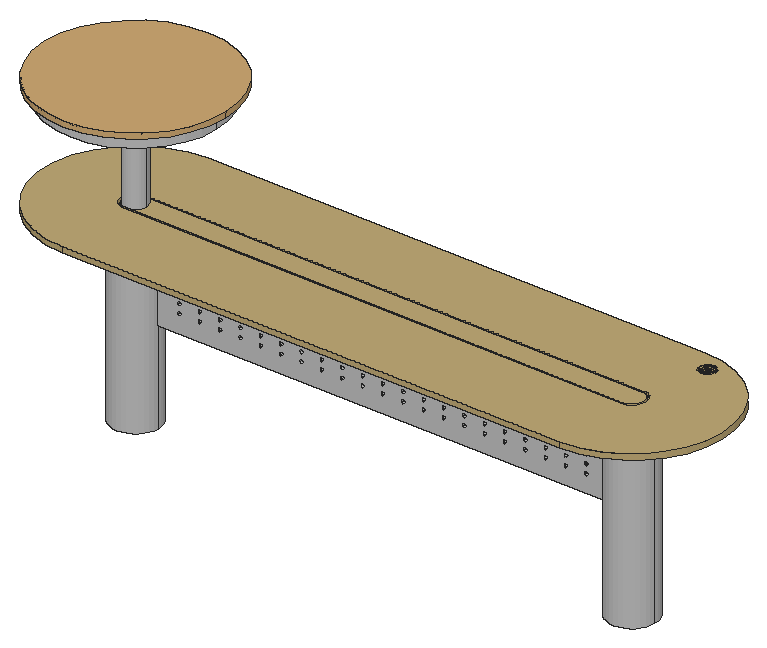
Revit family "L-FUR_벤치_YB-303C_예건", category 일반 모델, Revit 2021
Family settings
  보강 철근 호스트 가능 = 아니오
  원형 커넥터 치수 = 지름 사용
  부품 유형 = 보통
  작업 기준면 기반 = 아니오
  항상 수직 = 예
  로드될 때 보이드를 사용하여 절단 = 아니오
  공유 = 아니오
  룸 계산 점 = 아니오
Parameters
  한국산업규격KS = ""
  조달청표준공사코드-세부공종 = "23588587"
  기본 입면도 = 0 mm
  건설정보분류체계-부위분류 = "E943"
  LIM_INFO_주의사항 = "재배포, 재가공, 판매 금지"
  LIM_INFO_제품업체 = "예건"
  LIM_INFO_제품번호 = "YF-16"
  LIM_INFO_제품명 = "펜스_YF-16"
  LIM_INFO_제작일 = "20230315"
  LIM_INFO_재료 = "Hardwood, STL-pipe, STL-plate"
  LIM_INFO_업체정보 = ""
  LIM_INFO_업체URL = "https://yekun.com/"
  LIM_INFO_업체TEL = "(+82)31-943-6114"
  LIM_INFO_업체EMAIL = "yekun@yekun.com"
  LIM_INFO_버전 = "2023_V01"
  LIM_INFO_기타정보 = ""
  LIM_INFO_규격 = "W2000 x H1800"
  LIM_INFO_가격 = 0
  LIM_INFO_PV_포장재여부 = yes
  LIM_INFO_PV_면적 = 0.00 m²
  KBIMS_식별-버전 = ""
  KBIMS_식별-bSK등록번호 = ""
  KBIMS_보급정보-저작자 = "림인포테크_MMJ"
  KBIMS_보급정보-보급코드 = ""
Reference planes
  plane 1 "중심(앞/뒤)": y = 0
  plane 2: z = 0
  plane 3 "중심(왼쪽/오른쪽)": x = 0
Dimensions and locks
  aligned and locked: level to plane 2
Nested families
  nested 1: "YB-303C_base" at (0, 0, 0), type "YB-303C_base"
Definition of nested family "YB-303C_base"
  Parameters (values of type "YB-303C_base")
    Default Elevation = 0 mm
  Reference planes
    plane 1 "중심(앞/뒤)": y = 0
    plane 2: z = 0
    plane 3 "중심(왼쪽/오른쪽)": x = 0
  Forms (mm)
    Extrusion 1, solid, detail levels fine
      sketch origin (-40, 149.434, 0) x (1, 0, 0) y (0, 1, 0)
        loop
          arc (1339, -149.434) -> (1539, 50.566) -> (1339, 250.566) r 200
          line (1339, 250.566) -> (240, 250.566)
          arc (240, 250.566) -> (40, 50.566) -> (240, -149.434) r 200
          line (240, -149.434) -> (1339, -149.434)
        loop
          line (1339, 80.566) -> (240, 80.566)
          arc (240, 80.566) -> (210, 50.566) -> (240, 20.566) r 30
          line (240, 20.566) -> (1339, 20.566)
          arc (1339, 20.566) -> (1369, 50.566) -> (1339, 80.566) r 30
        loop
          circle (1379.944, 206.906) r 17.5
      from 417 to 430
    Extrusion 2, solid, detail levels fine
      sketch origin (-40, 149.434, 0) x (1, 0, 0) y (0, 1, 0)
        loop
          circle (240, 50.566) r 50.8
        loop
          circle (1339, 50.566) r 50.8
      from 0 to 413
    Extrusion 3, solid, detail levels fine
      sketch origin (-8146.862, 202.046, -4495.373) x (1, 0, 0) y (0, 0, 1)
        loop
          line (9400.912, 4700.973) -> (9400.912, 4907.673) -> (8394.912, 4907.673) -> (8394.912, 4700.973) -> (9400.912, 4700.973)
        loop
          circle (8447.912, 4820.873) r 4
        loop
          circle (8447.912, 4800.873) r 4
        loop
          circle (8447.912, 4780.873) r 4
        loop
          circle (8447.912, 4760.873) r 4
        loop
          circle (8447.912, 4740.873) r 4
        loop
          circle (8492.912, 4820.873) r 4
        loop
          circle (8492.912, 4800.873) r 4
        loop
          circle (8492.912, 4780.873) r 4
        loop
          circle (8492.912, 4760.873) r 4
        loop
          circle (8492.912, 4740.873) r 4
        loop
          circle (8537.912, 4740.873) r 4
        loop
          circle (8537.912, 4760.873) r 4
        loop
          circle (8537.912, 4780.873) r 4
        loop
          circle (8537.912, 4800.873) r 4
        loop
          circle (8537.912, 4820.873) r 4
        loop
          circle (8582.912, 4820.873) r 4
        loop
          circle (8582.912, 4800.873) r 4
        loop
          circle (8582.912, 4780.873) r 4
        loop
          circle (8582.912, 4760.873) r 4
        loop
          circle (8582.912, 4740.873) r 4
        loop
          circle (8627.912, 4820.873) r 4
        loop
          circle (8627.912, 4800.873) r 4
        loop
          circle (8627.912, 4780.873) r 4
        loop
          circle (8627.912, 4760.873) r 4
        loop
          circle (8627.912, 4740.873) r 4
        loop
          circle (8672.912, 4740.873) r 4
        loop
          circle (8672.912, 4760.873) r 4
        loop
          circle (8672.912, 4780.873) r 4
        loop
          circle (8672.912, 4800.873) r 4
        loop
          circle (8672.912, 4820.873) r 4
        loop
          circle (8717.912, 4820.873) r 4
        loop
          circle (8717.912, 4800.873) r 4
        loop
          circle (8717.912, 4780.873) r 4
        loop
          circle (8717.912, 4760.873) r 4
        loop
          circle (8717.912, 4740.873) r 4
        loop
          circle (8762.912, 4820.873) r 4
        loop
          circle (8762.912, 4800.873) r 4
        loop
          circle (8762.912, 4780.873) r 4
        loop
          circle (8762.912, 4760.873) r 4
        loop
          circle (8762.912, 4740.873) r 4
        loop
          circle (8807.912, 4740.873) r 4
        loop
          circle (8807.912, 4760.873) r 4
        loop
          circle (8807.912, 4780.873) r 4
        loop
          circle (8807.912, 4800.873) r 4
        loop
          circle (8807.912, 4820.873) r 4
        loop
          circle (8852.912, 4820.873) r 4
        loop
          circle (8852.912, 4800.873) r 4
        loop
          circle (8852.912, 4780.873) r 4
        loop
          circle (8852.912, 4760.873) r 4
        loop
          circle (8852.912, 4740.873) r 4
        loop
          circle (8897.912, 4820.873) r 4
        loop
          circle (8897.912, 4800.873) r 4
        loop
          circle (8897.912, 4780.873) r 4
        loop
          circle (8897.912, 4760.873) r 4
        loop
          circle (8897.912, 4740.873) r 4
        loop
          circle (8942.912, 4740.873) r 4
        loop
          circle (8942.912, 4760.873) r 4
        loop
          circle (8942.912, 4780.873) r 4
        loop
          circle (8942.912, 4800.873) r 4
        loop
          circle (8942.912, 4820.873) r 4
        loop
          circle (8987.912, 4820.873) r 4
        loop
          circle (8987.912, 4800.873) r 4
        loop
          circle (8987.912, 4780.873) r 4
        loop
          circle (8987.912, 4760.873) r 4
        loop
          circle (8987.912, 4740.873) r 4
        loop
          circle (9032.912, 4820.873) r 4
        loop
          circle (9032.912, 4800.873) r 4
        loop
          circle (9032.912, 4780.873) r 4
        loop
          circle (9032.912, 4760.873) r 4
        loop
          circle (9032.912, 4740.873) r 4
        loop
          circle (9077.912, 4740.873) r 4
        loop
          circle (9077.912, 4760.873) r 4
        loop
          circle (9077.912, 4780.873) r 4
        loop
          circle (9077.912, 4800.873) r 4
        loop
          circle (9077.912, 4820.873) r 4
        loop
          circle (9122.912, 4820.873) r 4
        loop
          circle (9122.912, 4800.873) r 4
        loop
          circle (9122.912, 4780.873) r 4
        loop
          circle (9122.912, 4760.873) r 4
        loop
          circle (9122.912, 4740.873) r 4
        loop
          circle (9167.912, 4820.873) r 4
        loop
          circle (9167.912, 4800.873) r 4
        loop
          circle (9167.912, 4780.873) r 4
        loop
          circle (9167.912, 4760.873) r 4
        loop
          circle (9167.912, 4740.873) r 4
        loop
          circle (9212.912, 4740.873) r 4
        loop
          circle (9212.912, 4760.873) r 4
        loop
          circle (9212.912, 4780.873) r 4
        loop
          circle (9212.912, 4800.873) r 4
        loop
          circle (9212.912, 4820.873) r 4
        loop
          circle (9257.912, 4820.873) r 4
        loop
          circle (9257.912, 4800.873) r 4
        loop
          circle (9257.912, 4780.873) r 4
        loop
          circle (9257.912, 4760.873) r 4
        loop
          circle (9257.912, 4740.873) r 4
        loop
          circle (9302.912, 4820.873) r 4
        loop
          circle (9302.912, 4800.873) r 4
        loop
          circle (9302.912, 4780.873) r 4
        loop
          circle (9302.912, 4760.873) r 4
        loop
          circle (9302.912, 4740.873) r 4
        loop
          circle (9347.912, 4740.873) r 4
        loop
          circle (9347.912, 4760.873) r 4
        loop
          circle (9347.912, 4780.873) r 4
        loop
          circle (9347.912, 4800.873) r 4
        loop
          circle (9347.912, 4820.873) r 4
      from 0 to 5
    Extrusion 4, solid, detail levels fine
      sketch origin (-40, 149.434, 0) x (0, 1, 0) y (0, 0, 1)
        loop
          line (50.566, 417) -> (-89.434, 417) -> (-89.434, 412) -> (190.566, 412) -> (190.566, 417) -> (50.566, 417)
      from 165.065 to 1415.065
    Extrusion 5, solid, detail levels fine
      sketch origin (-740, 149.434, 0) x (1, 0, 0) y (0, 1, 0)
        loop
          circle (940, 50.566) r 200
      from 668 to 679
    Extrusion 6, solid, detail levels fine
      sketch origin (-740, 149.434, 0) x (1, 0, 0) y (0, 1, 0)
        loop
          circle (940, 50.566) r 180
      from 638 to 667
    Extrusion 7, solid, detail levels fine
      sketch origin (-740, 149.434, 0) x (1, 0, 0) y (0, 1, 0)
        loop
          circle (940, 50.566) r 24.3
      from 430 to 638
    Extrusion 8, solid, detail levels fine
      sketch origin (0, 0, 0) x (1, 0, 0) y (0, 1, 0)
        loop
          arc (200, 225) -> (175, 200) -> (200, 175) r 25
          line (200, 175) -> (1299, 175)
          arc (1299, 175) -> (1324, 200) -> (1299, 225) r 25
          line (1299, 225) -> (200, 225)
      from 417 to 430
    Extrusion 9, solid, detail levels fine
      sketch origin (0, 0, 0) x (1, 0, 0) y (0, 1, 0)
        loop
          circle (1339.944, 356.34) r 17.5
      from 418 to 427.818
    Extrusion 10, solid, detail levels fine
      sketch origin (0, 0, 0) x (1, 0, 0) y (0, 1, 0)
        loop
          line (1350.442, 361.697) -> (1353.955, 361.697)
          arc (1353.955, 361.697) -> (1336.433, 370.923) -> (1325.03, 354.732) r 15
          line (1325.03, 354.732) -> (1331.908, 354.732) -> (1331.908, 357.947) -> (1328.269, 357.947)
          arc (1328.269, 357.947) -> (1337.979, 367.96) -> (1350.442, 361.697) r 11.786
        loop
          line (1336.462, 357.947) -> (1336.462, 361.697) -> (1333.248, 361.697) -> (1333.248, 350.982) -> (1336.462, 350.982) -> (1336.462, 354.023) -> (1339.241, 355.969) -> (1342.12, 350.982) -> (1345.831, 350.982) -> (1341.884, 357.819) -> (1347.421, 361.697) -> (1341.818, 361.697) -> (1336.462, 357.947)
        loop
          line (1346.641, 357.947) -> (1346.641, 354.732) -> (1351.62, 354.732)
          arc (1351.62, 354.732) -> (1341.909, 344.719) -> (1329.446, 350.982) r 11.786
          line (1329.446, 350.982) -> (1325.933, 350.982)
          arc (1325.933, 350.982) -> (1343.455, 341.756) -> (1354.858, 357.947) r 15
          line (1354.858, 357.947) -> (1346.641, 357.947)
      from 427.818 to 430
    Extrusion 11, solid, detail levels coarse+medium
      sketch origin (-40, 149.434, 0) x (1, 0, 0) y (0, 1, 0)
        loop
          line (1539, -149.434) -> (1539, 250.566) -> (40, 250.566) -> (40, -149.434) -> (1539, -149.434)
      from 417 to 430
    Extrusion 12, solid, detail levels coarse+medium
      sketch origin (-40, 149.434, 0) x (1, 0, 0) y (0, 1, 0)
        loop
          line (1389.8, 71.277) -> (1360.511, 100.566) -> (1319.089, 100.566) -> (1289.8, 71.277) -> (1289.8, 29.856) -> (1319.089, 0.566) -> (1360.511, 0.566) -> (1389.8, 29.856) -> (1389.8, 71.277)
        loop
          line (290, 71.277) -> (260.711, 100.566) -> (219.289, 100.566) -> (190, 71.277) -> (190, 29.856) -> (219.289, 0.566) -> (260.711, 0.566) -> (290, 29.856) -> (290, 71.277)
      from 0 to 413
    Extrusion 13, solid, detail levels coarse+medium
      sketch origin (-40, 149.434, 0) x (0, 1, 0) y (0, 0, 1)
        loop
          line (50.566, 417) -> (-89.434, 417) -> (-89.434, 412) -> (190.566, 412) -> (190.566, 417) -> (50.566, 417)
      from 165.065 to 1415.065
    Extrusion 14, solid, detail levels coarse+medium
      sketch origin (-740, 149.434, 0) x (1, 0, 0) y (0, 1, 0)
        loop
          line (1068.558, 203.775) -> (974.73, 247.528) -> (871.596, 238.505) -> (786.791, 179.124) -> (743.038, 85.296) -> (752.061, -17.838) -> (811.442, -102.643) -> (905.27, -146.395) -> (1008.404, -137.372) -> (1093.209, -77.991) -> (1136.962, 15.837) -> (1127.939, 118.97) -> (1068.558, 203.775)
      from 668 to 679
    Extrusion 15, solid, detail levels coarse+medium
      sketch origin (-740, 149.434, 0) x (1, 0, 0) y (0, 1, 0)
        loop
          line (1045.801, 196.189) -> (958.815, 229.58) -> (866.787, 215.004) -> (794.377, 156.368) -> (760.986, 69.381) -> (775.562, -22.646) -> (834.199, -95.057) -> (921.185, -128.448) -> (1013.213, -113.872) -> (1085.623, -55.235) -> (1119.014, 31.751) -> (1104.438, 123.779) -> (1045.801, 196.189)
      from 638 to 667
    Extrusion 16, solid, detail levels coarse+medium
      sketch origin (-740, 149.434, 0) x (1, 0, 0) y (0, 1, 0)
        loop
          line (940, 26.266) -> (957.183, 33.384) -> (964.3, 50.566) -> (957.183, 67.749) -> (940, 74.866) -> (922.817, 67.749) -> (915.7, 50.566) -> (922.817, 33.384) -> (940, 26.266)
      from 430 to 638
    Extrusion 17, solid, detail levels fine
      sketch origin (0, 0, 0) x (1, 0, 0) y (0, 1, 0)
        loop
          arc (1299, 175) -> (1324, 200) -> (1299, 225) r 25
          line (1299, 225) -> (200, 225)
          arc (200, 225) -> (175, 200) -> (200, 175) r 25
          line (200, 175) -> (1299, 175)
        loop
          line (1299, 230) -> (200, 230)
          arc (200, 230) -> (170, 200) -> (200, 170) r 30
          line (200, 170) -> (1299, 170)
          arc (1299, 170) -> (1329, 200) -> (1299, 230) r 30
      from 417 to 424.968
  Dimensions and locks
    Extrusion 4 sketch curve to Extrusion 4 sketch curve = 5 mm
    Extrusion 13 sketch curve to Extrusion 13 sketch curve = 5 mm
    aligned and locked: level to plane 2
